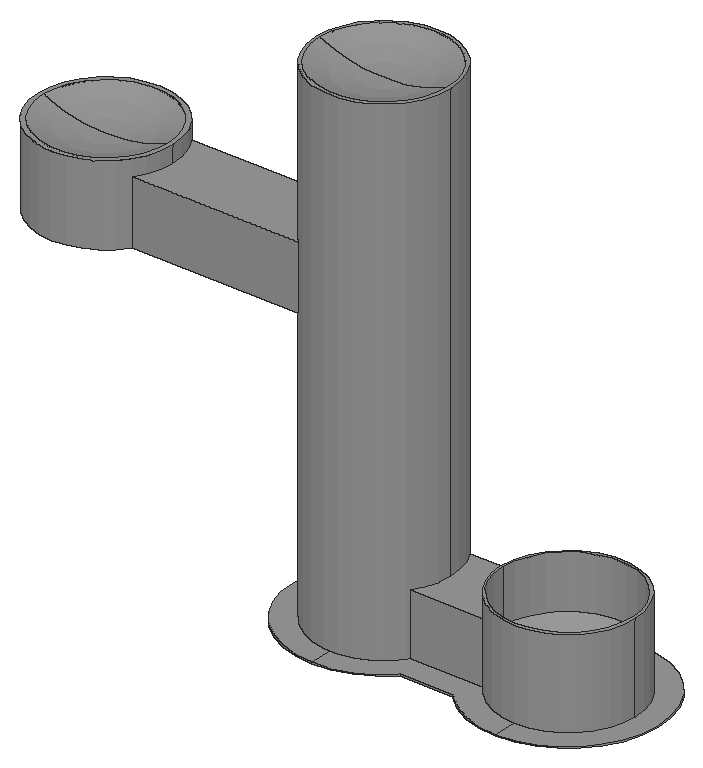
Revit family "Outdoor_Drinking_Fountain-Willoughby-WODF-3-CHD-PET", category Plumbing Fixtures, host Face, Revit 2014
Parameters (values of type "Standard")
  Waste DIA = 1 1/4"
  Waste Connection = yes
  Vent Connection = no
  URL = "www.willoughby-ind"
  Revision = "A"
  Model = "WODF-3-CHD-PET"
  Manufacturer = "Willoughby Industries"
  LAV CW DIA = 3/8"
  HW Connection = no
  Fixture Body = Stainless Steel AISI 304-Willoughby
  Description = "3 position Outdoor Drinking Fountain"
  Default Elevation = 0' - 0"
  Contact = "800.428.4065"
  CW Connection = yes
Reference planes (in)
  plane 1 "Center (Front/Back)": y = 0
  plane 2: z = 0
  plane 3 "Center (Left/Right)": x = 0
  plane 4: y = 4.3125
  plane 5: y = -4.3125
  plane 6 "Bottom Of Opening": z = 36.5
  plane 7 "Top of Fountain": z = 40
  plane 8: z = 12
  plane 9: y = 6.5
  plane 10: y = -6.5
  plane 11 "Bottom Of Fountaain": z = 21.75
  plane 12 "Top Of Fountain": z = 7.121
  plane 13: z = 26.871
  plane 14: x = 6.5
  plane 15: x = -22.75
  plane 16: x = -14.75
Forms (in)
  Extrusion 1, solid, material "Stainless Steel AISI 304-Willoughby" <- "Fixture Body"
    sketch origin (0, 0, 0) x (1, 0, 0) y (0, 1, 0)
      loop
        circle (0, 0) r 5.375
    from 0 to 40
  Revolve 2, solid, material "Stainless Steel AISI 304-Willoughby" <- "Fixture Body"
    sketch origin (0, 0, 0) x (0, 1, 0) y (0, 0, 1)
      loop
        line (0, 0) -> (0, 0.121) -> (-7.25, 0.121) -> (-7.25, 0) -> (0, 0)
      axis (0, 0.121) -> (0, 0)
    angle from 0 to 360
  Revolve 3, solid, material "Stainless Steel AISI 304-Willoughby" <- "Fixture Body", detail levels medium+fine
    sketch origin (0, 0, 0) x (0, 1, 0) y (0, 0, 1)
      loop
        line (0, 12) -> (0, 15) -> (-0.625, 15) -> (-0.625, 12) -> (0, 12)
      axis (0, 15) -> (0, 12)
    angle from 0 to 360
  Revolve 4, solid, material "Stainless Steel AISI 304-Willoughby" <- "Fixture Body", detail levels medium+fine
    sketch origin (0, 0, 0) x (0, 1, 0) y (0, 0, 1)
      loop
        line (1.5, 12) -> (1.6875, 12) -> (1.6875, 15) -> (1.5, 15) -> (1.5, 12)
      axis (1.5, 12) -> (1.5, 15)
    angle from 0 to 360
  Revolve 5, void
    sketch origin (36.58763, 0, -21.63255) x (1, 0, 0) y (0, 0, 1)
      loop
        line (-21.875, 28.75355) -> (-27.04353, 28.75355) -> (-27.04353, 24.50355)
        arc (-27.04353, 24.50355) -> (-24.55604, 23.46843) -> (-21.875, 23.20183) r 9.15959
        line (-21.875, 23.20183) -> (-21.875, 28.75355)
      axis (-21.875, 28.75355) -> (-21.875, 23.20183)
    angle from 0 to 360
  Extrusion 6, solid, material "Stainless Steel AISI 304-Willoughby" <- "Fixture Body"
    sketch origin (-7.125, 0, 21.75) x (1, 0, 0) y (0, 1, 0)
      loop
        circle (21.875, 0) r 5.375
    from -21.75 to -14.629
  Extrusion 7, solid, material "Stainless Steel AISI 304-Willoughby" <- "Fixture Body"
    sketch origin (0, 0, 0) x (-1, 0, 0) y (0, -1, 0)
      loop
        line (-3.90159, 0) -> (-3.90159, 3) -> (-10.29011, 3)
        arc (-10.29011, 3) -> (-9.375, 0) -> (-10.29011, -3) r 5.375
        line (-10.29011, -3) -> (-3.90159, -3) -> (-3.90159, 0)
    from 0 to 5
  Extrusion 8, solid, material "Stainless Steel AISI 304-Willoughby" <- "Fixture Body"
    sketch origin (0, 0, 21.75) x (1, 0, 0) y (0, 1, 0)
      loop
        line (8.98372, 5) -> (4.15331, 5)
        arc (4.15331, 5) -> (6.5, 0) -> (4.15331, -5) r 6.5
        line (4.15331, -5) -> (10.59669, -5)
        arc (10.59669, -5) -> (8.25, 0) -> (10.59669, 5) r 6.5
        line (10.59669, 5) -> (8.98372, 5)
    from -21.75 to -21.629
  Revolve 9, solid, material "Stainless Steel AISI 304-Willoughby" <- "Fixture Body"
    sketch origin (14.75, 0, 0) x (0, 1, 0) y (0, 0, 1)
      loop
        line (0, 0) -> (0, 0.121) -> (-7.25, 0.121) -> (-7.25, 0) -> (0, 0)
      axis (0, 0.121) -> (0, 0)
    angle from 0 to 360
  Extrusion 10, solid, material "Stainless Steel AISI 304-Willoughby" <- "Fixture Body"
    sketch origin (-0.4035, 0, 21.75) x (-1, 0, 0) y (0, -1, 0)
      loop
        circle (21.875, 0) r 5.375
    from 0 to 6.375
  Extrusion 11, solid, material "Stainless Steel AISI 304-Willoughby" <- "Fixture Body"
    sketch origin (-0.4035, 0, 0) x (1, 0, 0) y (0, 0, 1)
      loop
        line (-17.5965, 21.75) -> (-3.72772, 21.75) -> (-3.72772, 26.871) -> (-17.5965, 26.871) -> (-17.5965, 21.75)
    from 3 to -3
  Revolve 12, void
    sketch origin (-0.4035, 0, 0) x (1, 0, 0) y (0, 0, 1)
      loop
        line (-21.875, 28.246) -> (-27.125, 28.246)
        arc (-27.125, 28.246) -> (-24.57174, 27.34663) -> (-21.875, 27.11095) r 10.79194
        line (-21.875, 27.11095) -> (-21.875, 28.246)
      axis (-21.875, 28.246) -> (-21.875, 27.11095)
    angle from 0 to 360
  Revolve 13, void
    sketch origin (21.875, 0, 11.81991) x (1, 0, 0) y (0, 0, 1)
      loop
        line (-21.875, 28.246) -> (-27.125, 28.246)
        arc (-27.125, 28.246) -> (-24.57174, 27.34663) -> (-21.875, 27.11095) r 10.79194
        line (-21.875, 27.11095) -> (-21.875, 28.246)
      axis (-21.875, 28.246) -> (-21.875, 27.11095)
    angle from 0 to 360
Cuts and joins
  Revolve 5, Revolve 13 cuts Extrusion 1
  Revolve 5 cuts Extrusion 6
  joined: Extrusion 1, Extrusion 6, Extrusion 7
  Revolve 12, Revolve 13 cuts Extrusion 10
  joined: Revolve 2, Extrusion 8, Revolve 9
Lines and regions (in)
  symbolic lines
    curve 1: circle (0, 0, 36.5) r 7.25 normal (0, 0, 1)
    curve 2: circle (0, 0, 36.5) r 5.375 normal (0, 0, 1)
    curve 3: line (-7.25, 0, 0) -> (6.5, 0, 0)
    curve 4: line (6.5, 0, 0) -> (6.5, 0, 0.121)
    curve 5: line (6.5, 0, 0.121) -> (-7.25, 0, 0.121)
    curve 6: line (-5.375, 0, 0.121) -> (-5.375, 0, 40)
    curve 7: line (-5.375, 0, 40) -> (5.375, 0, 40)
    curve 8: line (5.375, 0, 40) -> (5.375, 0, 0.121)
    curve 9: line (0, -7.25, 0) -> (0, 7.25, 0)
    curve 10: line (0, 7.25, 0) -> (0, 7.25, 0.121)
    curve 11: line (0, 7.25, 0.121) -> (0, -7.25, 0.121)
    curve 12: line (0, -7.25, 0.121) -> (0, -7.25, 0)
    curve 13: line (0, -5.375, 40) -> (0, -5.375, 0.121)
    curve 14: line (-4.39413, 0, 21.75) -> (-5.375, 0, 21.75)
    curve 17: line (-7.25, 0, 0) -> (-7.25, 0, 0.121)
    curve 18: line (-21.25, 0, 0.121) -> (-21.25, 0, 0)
    curve 19: line (0, 5.395, 7.121) -> (0, -5.375, 7.121)
    curve 20: line (-3.21186, 3, 21.75) -> (-17.81861, 3, 21.75)
    curve 21: line (-17.81861, -3, 21.75) -> (-3.21186, -3, 21.75)
    curve 22: arc (10.29011, -3, 21.75) -> (9.375, 0, 21.75) -> (10.29011, 3, 21.75) r 5.375
    curve 23: arc (10.29011, 3, 21.75) -> (20.125, 0, 21.75) -> (10.29011, -3, 21.75) r 5.375
    curve 24: circle (14.75, 0, 36.5) r 7.25 normal (0, 0, 1)
    curve 25: line (3.09801, -3, 21.75) -> (10.29011, -3, 21.75)
    curve 26: line (10.29011, 3, 21.75) -> (3.21186, 3, 21.75)
    curve 27: line (-4.39413, 0, 21.75) -> (-27.6535, 0, 21.75)
    curve 28: line (-27.6535, 0, 21.75) -> (-27.6535, 0, 28.125)
    curve 29: line (-27.6535, 0, 28.125) -> (-16.9035, 0, 28.125)
    curve 30: line (-16.9035, 0, 28.125) -> (-16.9035, 0, 26.871)
    curve 31: line (-17.82187, 0, 26.871) -> (-17.82187, 0, 21.75)
    curve 32: line (-17.82187, 0, 26.871) -> (-4.39413, 0, 26.871)
    curve 33: line (-4.39413, 0, 26.871) -> (-4.39413, 0, 21.75)
    curve 34: line (5.375, 0, 5) -> (10.29011, 0, 5)
    curve 35: line (9.375, 0, 5) -> (9.375, 0, 7.121)
    curve 36: line (9.41065, 0, 7.12211) -> (20.16065, 0, 7.12211)
    curve 37: line (20.16065, 0, 7.12211) -> (20.16065, 0, 0.121)
    curve 38: line (19.05178, 0, 0.121) -> (22, 0, 0.121)
    curve 39: line (22, 0, 0.121) -> (22, 0, 0)
    curve 40: line (22, 0, 0) -> (8.25, 0, 0)
    curve 41: line (10.29011, 0, 5) -> (10.29011, 0, 0.121)
    curve 42: arc (-27.6535, 0, 21.75) -> (-22.2785, -5.375, 21.75) -> (-16.9035, 0, 21.75) r 5.375
    curve 43: arc (-16.9035, 0, 21.75) -> (-22.2785, 5.375, 21.75) -> (-27.6535, 0, 21.75) r 5.375
    curve 44: arc (-27.27902, 0, 21.75) -> (-22.2785, 5.00052, 21.75) -> (-17.27798, 0, 21.75) r 5.00052
    curve 45: arc (-17.27798, 0, 21.75) -> (-22.2785, -5.00052, 21.75) -> (-27.27902, 0, 21.75) r 5.00052
    curve 46: line (5.375, 0, 5) -> (4.45989, 0, 5)
    curve 47: line (4.45989, 0, 5) -> (4.45989, 0, 0.121)
    curve 48: line (0, 5.375, 40) -> (0, -5.375, 40)
  symbolic lines, detail levels medium+fine
    curve 15: line (0, 5.395, 28.246) -> (0, -5.375, 28.246)
    curve 16: line (0, -5.375, 21.871) -> (0, 5.395, 21.871)
Dimensions and locks (in)
  plane 6 "Bottom Of Opening" to level = 3' - 0 1/2"
  plane 9 to plane 10 = 1' - 1"
  plane 4 to plane 5 = 0' - 8 5/8"
  plane 11 "Bottom Of Fountaain" to level = 1' - 9 3/4"
  plane 1 "Center (Front/Back)" to plane 9 = 0' - 6 1/2"
  level to plane 7 "Top of Fountain" = 3' - 4"
  aligned and locked: plane 2 to host face
  aligned and locked: level to host face
  aligned and locked: Revolve 3 sketch curve to Revolve 3 sketch curve  (x2)
  aligned and locked: Revolve 4 sketch curve to Revolve 4 sketch curve  (x2)
  aligned and locked: Revolve 12 sketch curve to Revolve 12 sketch curve  (x2)
  aligned and locked: plane 7 "Top of Fountain" to Extrusion 1
  aligned and locked: Revolve 13 sketch curve to Revolve 13 sketch curve  (x2)
  aligned and locked: curve 48 to cut or joined group of Extrusion 1, Revolve 5, Extrusion 6, Extrusion 7, Revolve 13
Connectors (in)
  piping at (0, 0, 12), diameter 0.375, driven by "Waste Connection", driven by "LAV CW DIA"
    settings: on Revolve 3, index 1, connector inside diameter 24", connector length 0' - 0", flow factor 0, pipe flow 0 GPM, pressure drop 0.00 psi, fitting loss kfactor 0, connector angle 0.00°, fixture units 0, engagement length 0' - 0", angle of deflection 0.00°, flow configuration 0, flow direction 2, fitting loss method 0, system type 16, joint type 0, gender type 0, connector reference index -1, connector utility 1, adjustable connector no, is connector primary yes, connector description "Drain Waste"
  piping at (0, 1.5, 12), diameter 0.375, driven by "CW Connection"
    settings: on Revolve 4, index 2, connector inside diameter 24", connector length 0' - 0", flow factor 0, pipe flow 0 GPM, pressure drop 0.00 psi, fitting loss kfactor 0, connector angle 0.00°, fixture units 0, engagement length 0' - 0", angle of deflection 0.00°, flow configuration 0, flow direction 1, fitting loss method 0, system type 20, joint type 0, gender type 0, connector reference index -1, connector utility 1, adjustable connector no, is connector primary no, connector description "CW Inlet"
